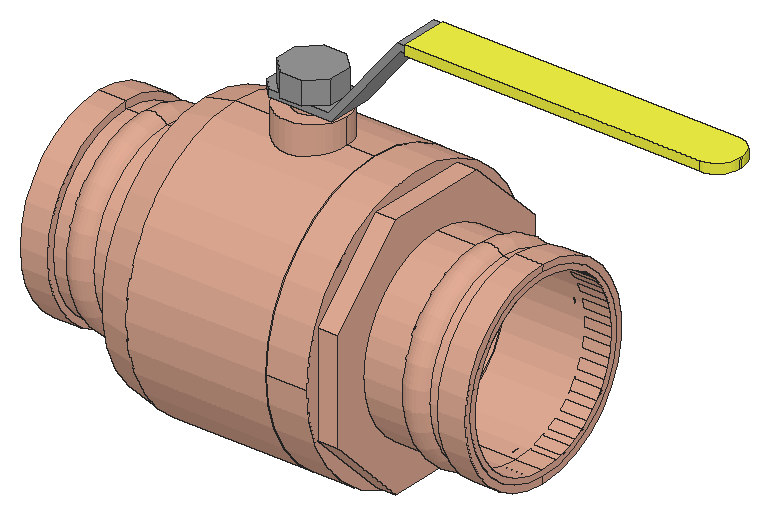
Revit family "430XL-Ball-Valve", category Pipe Accessories, Revit 2018
Family settings
  Round Connector Dimension = Use Diameter
  Part Type = Valve - Breaks Into
  OmniClass Number = 23.60.30.11.14
  OmniClass Title = Pipework Fittings
  Work Plane-Based = No
  Always vertical = Yes
  Cut with Voids When Loaded = No
  Shared = No
Parameters
  X8 [instance] = size_lookup(LookupTable, "X8", 0.000", Nominal Diameter)  # 1.296"
  X6_Half [instance] = X6 / 2  # 0.324"
  Weight [instance] = size_lookup(LookupTable, "Weight", "NA", Nominal Diameter)  # "24.54"
  URL = "http://www.fnw.com"
  Standards Lookup Table = "Standards"  # constant formula
  R4 [instance] = size_lookup(LookupTable, "R4", 0.000", Nominal Diameter)  # 2.943"
  Product ID [instance] = size_lookup(LookupTable, "ProductID", "NA", Nominal Diameter)  # "3625629"
  Pipe Diameter [instance] = size_lookup(Standards Lookup Table, "copper", 0.000", Nominal Diameter)  # 4.125"
  Part Number [instance] = size_lookup(LookupTable, "PartNumber", "NA", Nominal Diameter)  # "FNW430XLP"
  PIpe Radius [instance] = Pipe Diameter / 2  # 2.0625"
  Manufacturer = "FNW"  # constant formula
  Insert [instance] = size_lookup(LookupTable, "insert", 0.000", Nominal Diameter)  # 2.560"
  Description BOM [instance] = size_lookup(LookupTable, "Description_BOM", "NA", Nominal Diameter)  # "Not For Potable Use 4 XL Brass PXP Full Port BV Water"
  D5 Half [instance] = D5 / 2  # 2.345"
  D5 [instance] = size_lookup(LookupTable, "D5", 0.000", Nominal Diameter)  # 4.690"
  D3_Half [instance] = D3 / 2  # 0.65625"
  1_Z2 [instance] = size_lookup(LookupTable, "1_Z2", 0.000", Nominal Diameter)  # 0.1644"
  1_Z1 [instance] = size_lookup(LookupTable, "1_Z1", 0.000", Nominal Diameter)  # 2.08435"
  Z3 [instance] = size_lookup(LookupTable, "Z3", 0.000", Nominal Diameter)  # 0.54688"
  Z2 [instance] = size_lookup(LookupTable, "Z2", 0.000", Nominal Diameter)  # 4.020"
  Z1 [instance] = size_lookup(LookupTable, "Z1", 0.000", Nominal Diameter)  # 3.8556"
  1_Y1 [instance] = size_lookup(LookupTable, "1_Y1", 0.000", Nominal Diameter)  # 1.080"
  1_X4 [instance] = size_lookup(LookupTable, "1_X4", 0.000", Nominal Diameter)  # 0.8922"
  1_X1 [instance] = size_lookup(LookupTable, "1_X1", 0.000", Nominal Diameter)  # 1.7844"
  1_X3 [instance] = size_lookup(LookupTable, "1_X3", 0.000", Nominal Diameter)  # 10.240"
  X7 [instance] = size_lookup(LookupTable, "X7", 0.000", Nominal Diameter)  # 5.120"
  X6 [instance] = size_lookup(LookupTable, "X6", 0.000", Nominal Diameter)  # 0.648"
  X5 [instance] = size_lookup(LookupTable, "X5", 0.000", Nominal Diameter)  # 0.4875"
  X4 [instance] = size_lookup(LookupTable, "X4", 0.000", Nominal Diameter)  # 0.975"
  X3 [instance] = size_lookup(LookupTable, "X3", 0.000", Nominal Diameter)  # 3.33883"
  X2 [instance] = size_lookup(LookupTable, "X2", 0.000", Nominal Diameter)  # 0.70867"
  1_X2 [instance] = size_lookup(LookupTable, "1_X2", 0.000", Nominal Diameter)  # 1.56326"
  X1 [instance] = size_lookup(LookupTable, "X1", 0.000", Nominal Diameter)  # 2.560"
  Show Lever Clearance [instance] = no
  R3 [instance] = size_lookup(LookupTable, "R3", 0.000", Nominal Diameter)  # 3.270"
  R2 [instance] = size_lookup(LookupTable, "R2", 0.000", Nominal Diameter)  # 3.1065"
  R1_Diam [instance] = R1 * 2  # 4.365"
  R1 [instance] = size_lookup(LookupTable, "R1", 0.000", Nominal Diameter)  # 2.1825"
  Nominal Radius [instance] = Nominal Diameter / 2  # 2.000"
  Nominal Diameter [instance] = 4.000"
  LookupTable = "430XL-Ball-Valve"  # constant formula
  HexAngle1 [instance] = 135.00°  # constant formula
  D3 [instance] = size_lookup(LookupTable, "D3", 0.000", Nominal Diameter)  # 1.3125"
  D2 [instance] = size_lookup(LookupTable, "D2", 0.000", Nominal Diameter)  # 0.875"
  D1 [instance] = size_lookup(LookupTable, "D1", 0.000", Nominal Diameter)  # 1.620"
Reference planes (in)
  plane 1 "Center (Front/Back)": y = 0
  plane 2: z = 0
  plane 3 "Center (Left/Right)": x = 0
  plane 4 "X7 End": x = -5.12
  plane 5 "D1 Top": z = 3.8556
  plane 6 "D2 Top": z = 4.02
  plane 7: x = -2.56
  plane 8: x = -1.85133
  plane 9: x = 1.4875
  plane 10 "Face EXT": x = 2.4625
  plane 11: x = 2.95
  plane 12 "R3 Top": z = 3.27
  plane 13 "R2 Top": z = 3.1065
  plane 14 "R1 Top": z = 2.1825
  plane 15 "Pipe radius": z = 2.0625
  plane 16 "NPT": x = -2.56
  plane 17 "NPT 2": x = 2.4625
  plane 18: x = 5.51
  plane 19 "X61": x = -5.12
  plane 20: x = -4.472
  plane 21 "X62": x = 4.862
  plane 22: x = 5.51
  plane 23: z = 4.1844
  plane 24: x = 5.186
  plane 25: x = -4.796
  plane 26: z = 4.73128
  plane 27: z = 2.345
  plane 28: x = -2.56
  plane 29: x = 2.95
  plane 30: x = -3.824
  plane 31: x = -4.148
  plane 32: x = -3.5
  plane 33: x = 4.214
  plane 34: x = 3.89
  plane 35: x = 4.538
Forms (in)
  Extrusion 1, solid, material "Copper_01"
    sketch origin (0, 0, 0) x (1, 0, 0) y (0, 1, 0)
      loop
        circle (0, 0) r 0.4375
    from 3.8556 to 4.02
  Extrusion 2, solid, material "Copper_01"
    sketch origin (0, 0, 0) x (0, 1, 0) y (0, 0, 1)
      loop
        circle (0, 0) r 3.27
      loop
        circle (0, 0) r 2.0625
    from 1.4875 to 2.4625
  Extrusion 3, solid, material "Copper_01"
    sketch origin (0, 0, 2.0625) x (-1, 0, 0) y (0, -1, 0)
      loop
        circle (0, 0) r 0.81
    from 0 to 1.7931
  Extrusion 4, solid, material "Copper_01", not visible
    sketch origin (-2.56, 0, 0) x (0, 0, 1) y (0, -1, 0)
      loop
        circle (0, 0) r 2
    from 0 to 5.51
  Extrusion 5, solid, material "Copper_01"
    sketch origin (-2.56, 0, 0) x (0, 0, 1) y (0, -1, 0)
      loop
        circle (0, 0) r 2.1825
      loop
        circle (0, 0) r 2.0625
    from -2.56 to 0
  Extrusion 6, solid, material "Copper_01"
    sketch origin (2.4625, 0, 0) x (0, 0, 1) y (0, -1, 0)
      loop
        line (-1.21903, -2.943) -> (1.21903, -2.943) -> (2.943, -1.21903) -> (2.943, 1.21903) -> (1.21903, 2.943) -> (-1.21903, 2.943) -> (-2.943, 1.21903) -> (-2.943, -1.21903) -> (-1.21903, -2.943)
      loop
        circle (0, 0) r 2.0625
    from 0 to 0.4875
  Revolve 7, solid, material "Copper_01"
    sketch origin (0, 0, 0) x (1, 0, 0) y (0, 0, 1)
      loop
        line (1.4875, 2.0625) -> (1.4875, 3.27) -> (-1.84763, 3.27) -> (-2.56, 3.1065) -> (-2.56, 2.0625) -> (1.4875, 2.0625)
      axis (-2.56, 0) -> (1.4875, 0)
    angle from 0 to 360
  Revolve 8, solid, material "Copper_01"
    sketch origin (0, 0, 0) x (1, 0, 0) y (0, 0, 1)
      loop
        line (-5.12, 2.345) -> (-5.12, 2.0625) -> (-4.472, 2.0625) -> (-4.472, 2.345) -> (-5.12, 2.345)
      axis (-5.12, 0) -> (-4.472, 0)
    angle from 0 to 360
  Revolve 9, solid, material "Copper_01"
    sketch origin (0, 0, 0) x (1, 0, 0) y (0, 0, 1)
      loop
        line (4.862, 2.345) -> (4.862, 2.0625) -> (5.51, 2.0625) -> (5.51, 2.345) -> (4.862, 2.345)
      axis (4.862, 0) -> (5.51, 0)
    angle from 0 to 360
  Extrusion 10, solid, material "Copper_01"
    sketch origin (-2.56, 0, 0) x (0, 0, 1) y (0, -1, 0)
      loop
        circle (0, 0) r 2.1825
      loop
        circle (0, 0) r 2.0625
    from 5.51 to 8.07
  Revolve 11, solid, material "Copper_01"
    sketch origin (0, 0, 0) x (1, 0, 0) y (0, 0, 1)
      loop
        line (-4.148, 2.1825) -> (-3.5, 2.1825)
        arc (-3.5, 2.1825) -> (-3.824, 2.345) -> (-4.148, 2.1825) r 0.40425
      loop
        line (3.89, 2.1825) -> (4.538, 2.1825)
        arc (4.538, 2.1825) -> (4.214, 2.345) -> (3.89, 2.1825) r 0.40425
      axis (-4.148, 0) -> (4.538, 0)
    angle from 0 to 360
Dimensions and locks (in)
  "X7": plane 4 "X7 End" to plane 3 "Center (Left/Right)"
  "Z1": plane 5 "D1 Top" to plane 2
  "Z2": plane 6 "D2 Top" to plane 2
  "X1": plane 4 "X7 End" to plane 7
  "X2": plane 8 to plane 7
  "X3": plane 9 to plane 8
  "X4": plane 10 "Face EXT" to plane 9
  "X5": plane 11 to plane 10 "Face EXT"
  "R3": plane 12 "R3 Top" to plane 2
  "R2": plane 13 "R2 Top" to plane 2
  "R1": plane 14 "R1 Top" to plane 2
  "PIpe Radius": plane 15 "Pipe radius" to plane 2
  "X1": plane 4 "X7 End" to plane 16 "NPT"
  "X5": plane 11 to plane 17 "NPT 2"
  "X1": plane 18 to plane 11
  "R4": Extrusion 6 sketch curve to plane 1 "Center (Front/Back)"
  "R4": plane 1 "Center (Front/Back)" to Extrusion 6 sketch curve  (x5)
  "R4": plane 2 to Extrusion 6 sketch curve  (x2)
  "1_Z2": plane 23 to plane 6 "D2 Top"
  equal spacing: plane 20, plane 25, plane 19 "X61"
  equal spacing: plane 22, plane 24, plane 21 "X62"
  "X6": plane 22 to plane 21 "X62"
  "X6": plane 20 to plane 19 "X61"
  "X6_Half": plane 4 "X7 End" to plane 25
  "Z3": plane 26 to plane 23
  "D5 Half": plane 27 to plane 2
  "X6_Half": plane 24 to plane 18
  "Insert": plane 29 to plane 18
  "Insert": plane 28 to plane 4 "X7 End"
  plane 14 "R1 Top" to plane 15 "Pipe radius" = 0.120"
  equal spacing: plane 31, plane 30, plane 32
  "X6": plane 31 to plane 32
  "X8": plane 4 "X7 End" to plane 30
  equal spacing: plane 34, plane 33, plane 35
  "X6": plane 34 to plane 35
  "X8": plane 22 to plane 33
  "D2": diameter of Extrusion 1 sketch curve
  "R3": radius of Extrusion 2 sketch curve
  "PIpe Radius": radius of Extrusion 2 sketch curve
  "D1": diameter of Extrusion 3 sketch curve
  "Nominal Radius": radius of Extrusion 4 sketch curve
  "R1": radius of Extrusion 5 sketch curve
  "PIpe Radius": radius of Extrusion 5 sketch curve
  "PIpe Radius": radius of Extrusion 6 sketch curve
  "R1": radius of Extrusion 10 sketch curve
  "PIpe Radius": radius of Extrusion 10 sketch curve
  angle Extrusion 6 sketch curve to Extrusion 6 sketch curve = 135.00°  (x7)
  aligned and locked: plane 2 to level
  aligned and locked: Extrusion 1 to plane 5 "D1 Top"
  aligned and locked: plane 6 "D2 Top" to Extrusion 1
  aligned and locked: Extrusion 2 to plane 9
  aligned and locked: Extrusion 2 to plane 10 "Face EXT"
  aligned and locked: plane 5 "D1 Top" to Extrusion 3
  aligned and locked: plane 4 "X7 End" to Extrusion 5
  aligned and locked: Revolve 7 sketch curve to level
  aligned and locked: Revolve 8 sketch curve to plane 2
  aligned and locked: Revolve 9 sketch curve to plane 2
  aligned and locked: plane 7 to Extrusion 5
  aligned and locked: Extrusion 10 to plane 11
  aligned and locked: Extrusion 10 to plane 18
  aligned and locked: Extrusion 6 to plane 11
  aligned and locked: Extrusion 4 to plane 28
  aligned and locked: plane 29 to Extrusion 4
  aligned and locked: Revolve 8 sketch curve to plane 27
  aligned and locked: Revolve 8 sketch curve to plane 20
  aligned and locked: Revolve 8 sketch curve to plane 4 "X7 End"
  aligned and locked: plane 27 to Revolve 9 sketch curve
  aligned and locked: plane 21 "X62" to Revolve 9 sketch curve
  aligned and locked: Revolve 9 sketch curve to plane 22
  aligned and locked: plane 15 "Pipe radius" to Revolve 8 sketch curve
  aligned and locked: Revolve 9 sketch curve to plane 15 "Pipe radius"
  aligned and locked: Revolve 11 sketch curve to plane 2
  aligned and locked: Revolve 11 sketch curve to plane 14 "R1 Top"  (x2)
  aligned and locked: plane 32 to Revolve 11 sketch curve
  aligned and locked: plane 31 to Revolve 11 sketch curve
  aligned and locked: plane 34 to Revolve 11 sketch curve
  aligned and locked: plane 35 to Revolve 11 sketch curve
Automatic sketch dimensions
  Revolve 7 sketch curve to plane 7 = 0.000"
  Revolve 7 sketch curve to plane 12 "R3 Top" = 0.000"
  Revolve 7 sketch curve to plane 9 = 0.000"
  Revolve 7 sketch curve to plane 15 "Pipe radius" = 0.000"
  Revolve 7 sketch curve to plane 13 "R2 Top" = 0.000"
  plane 8 to Revolve 7 sketch curve = 0.0037"
  plane 4 "X7 End" to Revolve 7 sketch curve = 0.1481"
  plane 7 to Revolve 7 sketch curve = 0.02483"
  plane 4 "X7 End" to Revolve 8 sketch curve = 1.24841"
  plane 20 to Revolve 8 sketch curve = 0.10444"
  Revolve 9 sketch curve to plane 11 = 0.01599"
  Revolve 9 sketch curve to plane 18 = 1.73101"
  Revolve 11 sketch curve to plane 15 "Pipe radius" = 0.12175"  (x2)
  plane 4 "X7 End" to Revolve 11 sketch curve = 0.52863"
  Revolve 11 sketch curve to plane 32 = 0.19418"
  plane 1 "Center (Front/Back)" to Extrusion 1 sketch curve = 0.000"
  Extrusion 1 sketch curve to plane 3 "Center (Left/Right)" = 0.000"
  Extrusion 2 sketch curve to Extrusion 2 sketch curve = 0.000"  (x2)
  Extrusion 2 sketch curve to level = 0.000"
  Extrusion 2 sketch curve to plane 1 "Center (Front/Back)" = 0.000"
  plane 1 "Center (Front/Back)" to Extrusion 3 sketch curve = 0.000"
  Extrusion 3 sketch curve to plane 3 "Center (Left/Right)" = 0.000"
  Extrusion 4 sketch curve to level = 0.000"
  Extrusion 4 sketch curve to plane 1 "Center (Front/Back)" = 0.000"
  Extrusion 5 sketch curve to Extrusion 5 sketch curve = 0.000"  (x2)
  Extrusion 5 sketch curve to level = 0.000"
  Extrusion 5 sketch curve to plane 1 "Center (Front/Back)" = 0.000"
  Extrusion 6 sketch curve to level = 0.000"
  Extrusion 6 sketch curve to plane 1 "Center (Front/Back)" = 0.000"
  Extrusion 10 sketch curve to Extrusion 10 sketch curve = 0.000"  (x2)
  Extrusion 10 sketch curve to level = 0.000"
  Extrusion 10 sketch curve to plane 1 "Center (Front/Back)" = 0.000"
Nested families (in)
  nested 1: "Nested Lever_430" at (0, 0, 4.02), Show Lever Clearance <- "Show Lever Clearance", D3 <- "D3", Z3 <- "Z3", 1_X1 <- "1_X1", 1_X2 <- "1_X2", 1_X4 <- "1_X4", 1_Y1 <- "1_Y1", 1_Z1 <- "1_Z1", 1_Z2 <- "1_Z2", 1_X3 <- "1_X3", type "Nested Lever_430"
    with Z3 0.54688", Void_Outer_Radius 0.6025", Void_Outer 1.205", Show Lever Clearance no, Grip_L3 0.2269", Grip_L2 0.19565", Grip_L1 0.03125", D3_Half 0.4375", D3 1.3125", Clearance Hieght 6.000", Angle Hex Head 135.00°, 1_Z2 0.1644", 1_Z1 2.08435", 1_Y1_Half 0.540", 1_Y1 1.080", 1_X4 0.8922", 1_X3_and_1__Y1_Half 10.780", 1_X3 10.240", 1_X2 1.56326", 1_X1 1.7844"
Connectors (in)
  piping at (-2.56, 0, 0), diameter 4, driven by "Nominal Diameter"
    settings: on Extrusion 4, index 1, connector inside diameter 24", connector length 0.000", flow factor 0, pipe flow 0 GPM, pressure drop 0.00 psi, fitting loss kfactor 0, connector angle 0.00°, fixture units 0, engagement length 0.000", angle of deflection 0.00°, flow configuration 0, flow direction 0, fitting loss method 0, system type 7, joint type 0, gender type 0, connector reference index 2, connector utility 0, adjustable connector no, is connector primary yes, connector description ""
  piping at (2.95, 0, 0), diameter 4, driven by "Nominal Diameter"
    settings: on Extrusion 4, index 2, connector inside diameter 24", connector length 0.000", flow factor 0, pipe flow 0 GPM, pressure drop 0.00 psi, fitting loss kfactor 0, connector angle 0.00°, fixture units 0, engagement length 0.000", angle of deflection 0.00°, flow configuration 0, flow direction 0, fitting loss method 0, system type 7, joint type 0, gender type 0, connector reference index 1, connector utility 0, adjustable connector no, is connector primary no, connector description ""
Definition of nested family "Nested Lever_430"
  Parameters (values of type "Nested Lever_430")
    Z3 [instance] = 0.125"
    Angle 2 = 45.00°  # constant formula
    1_Z2 [instance] = 0.125"
    1_Z1 [instance] = 1.250"
    1_Y1_Half [instance] = [1_Y1] / 2  # 1.000"
    1_Y1 [instance] = 2.000"
    1_X1 [instance] = 2.500"
    1_X3_and_1__Y1_Half [instance] = [1_X3] + [1_Y1_Half]  # 13.66198"
    1_X3 [instance] = 12.66198"
    1_X2 [instance] = 1.500"
    Void_Outer_Radius [instance] = Void_Outer / 2  # 1.0625"
    Void_Outer [instance] = [1_Y1] + Grip_L1 * 4  # 2.125"
    Show Lever Clearance [instance] = yes
    Grip_L3 [instance] = Grip_L1 + Grip_L2  # 0.1875"
    Grip_L1 [instance] = 0.03125"  # constant formula
    Grip_L2 [instance] = [1_Z2] + Grip_L1  # 0.15625"
    Default Elevation = 48.000"
    D3_Half [instance] = D3 / 3  # 0.23251"
    D3 [instance] = 0.69752"
    Clearance Hieght [instance] = 6.000"  # constant formula
    Angle Hex Head [instance] = 135.00°  # constant formula
    1_X4 [instance] = 1.000"
  Reference planes (in)
    plane 1 "Center (Front/Back)": y = 0
    plane 2: z = 0
    plane 3 "Center (Left/Right)": x = 0
    plane 4: z = 0.125
    plane 5: x = -1
    plane 6: x = 12.66198
    plane 7: y = 1
    plane 8: y = -1
    plane 9: x = 1.5
    plane 10: x = 3
    plane 11: z = 1.375
    plane 12: z = 1.25
    plane 13: z = 0.25
    plane 14: z = 1.40625
    plane 15: z = 1.21875
    plane 16: x = 3.15625
    plane 17: y = 1.03125
    plane 18: y = -1.03125
  Forms (in)
    Extrusion 1, solid
      sketch origin (0, 0, 0) x (1, 0, 0) y (0, 1, 0)
        loop
          line (-48, 48) -> (-48, -48) -> (48, -48) -> (48, 48) -> (-48, 48)
      from 0 to -12
    Extrusion 2, solid
      sketch origin (0, 0, 0) x (1, 0, 0) y (0, 0, 1)
        loop
          line (1.30132, 0) -> (1.5, 0) -> (3.04425, 1.25) -> (4.15625, 1.25) -> (4.15625, 1.375) -> (3, 1.375) -> (1.30132, 0)
      from -1 to 1
    Extrusion 3, solid
      sketch origin (0, 0, 0) x (1, 0, 0) y (0, 1, 0)
        loop
          line (0.34876, 0.14446) -> (0.14446, 0.34876) -> (-0.14446, 0.34876) -> (-0.34876, 0.14446) -> (-0.34876, -0.14446) -> (-0.14446, -0.34876) -> (0.14446, -0.34876) -> (0.34876, -0.14446) -> (0.34876, 0.14446)
      from 0.125 to 0.25
    Extrusion 4, solid
      sketch origin (0, 0, 0) x (1, 0, 0) y (0, 1, 0)
        loop
          line (11.66198, 1.03125) -> (3.15625, 1.03125) -> (3.15625, -1.03125) -> (11.66198, -1.03125)
          arc (11.66198, -1.03125) -> (12.36908, -0.73836) -> (12.66198, -0.03125) r 1
          line (12.66198, -0.03125) -> (12.66198, 0.03125)
          arc (12.66198, 0.03125) -> (12.36908, 0.73836) -> (11.66198, 1.03125) r 1
      from 1.21875 to 1.40625
    Extrusion 5, solid, visible <- "Show Lever Clearance"
      sketch origin (0, 0, 0) x (1, 0, 0) y (0, 1, 0)
        loop
          line (-1, 1) -> (-1, -12.66198)
          arc (-1, -12.66198) -> (8.66048, -8.66048) -> (12.66198, 1) r 13.66198
          line (12.66198, 1) -> (-1, 1)
      from 0 to 6 <- "Clearance Hieght"
    Extrusion 6, solid
      sketch origin (0, 0, 0) x (1, 0, 0) y (0, 1, 0)
        loop
          line (1.5, -1) -> (1.5, 1) -> (-0.5, 1) -> (-1, 0.5) -> (-1, -0.5) -> (-0.5, -1) -> (1.5, -1)
      from 0 to 0.125
  Cuts and joins
    joined: Extrusion 2, Extrusion 6
  Lines and regions (in)
    reference lines
      curve 1: line (0, 0, 3.375) -> (0, 0, -1.625)
  Dimensions and locks (in)
    "1_Z2": plane 4 to plane 2
    "1_X4": plane 3 "Center (Left/Right)" to plane 5
    "1_X3": plane 6 to plane 3 "Center (Left/Right)"
    equal spacing: plane 7, plane 1 "Center (Front/Back)", plane 8
    "1_Y1": plane 7 to plane 8
    "1_X1": plane 9 to plane 5
    "1_X2": plane 10 to plane 9
    "1_Z1": plane 11 to plane 4
    "1_Z2": plane 11 to plane 12
    equal spacing: Extrusion 3 sketch curve, curve 1, Extrusion 3 sketch curve  (x4)
    "D3": Extrusion 3 sketch curve to Extrusion 3 sketch curve  (x4)
    "Z3": plane 13 to plane 4
    "Grip_L1": plane 14 to plane 11
    "Grip_L2": plane 11 to plane 15
    "Grip_L2": plane 16 to plane 10
    "Grip_L1": plane 8 to plane 18
    "Grip_L1": plane 17 to plane 7
    "1_Y1_Half": plane 16 to Extrusion 2
    "1_X3_and_1__Y1_Half": Extrusion 5 sketch curve to Extrusion 5 sketch curve  (x2)
    equal spacing: Extrusion 6 sketch curve, plane 1 "Center (Front/Back)", Extrusion 6 sketch curve
    "1_Y1_Half": Extrusion 6 sketch curve to Extrusion 6 sketch curve
    "1_Z2": Extrusion 2 sketch curve to Extrusion 2 sketch curve
    "1_Y1_Half": radius of Extrusion 4 sketch curve  (x2)
    "1_X3_and_1__Y1_Half": radius of Extrusion 5 sketch curve
    "Angle Hex Head": angle Extrusion 3 sketch curve to Extrusion 3 sketch curve  (x6)
    "Angle 2": angle plane 5 to Extrusion 6 sketch curve
    "Angle 2": angle Extrusion 6 sketch curve to plane 5
    aligned and locked: plane 2 to Extrusion 1
    aligned and locked: level to Extrusion 1
    aligned and locked: plane 10 to Extrusion 2 sketch curve
    aligned and locked: plane 12 to Extrusion 2 sketch curve
    aligned and locked: plane 11 to Extrusion 2 sketch curve
    aligned and locked: curve 1 to plane 3 "Center (Left/Right)"
    aligned and locked: plane 4 to Extrusion 3
    aligned and locked: Extrusion 3 to plane 13
    aligned and locked: Extrusion 4 sketch curve to plane 16
    aligned and locked: Extrusion 4 sketch curve to plane 18
    aligned and locked: plane 17 to Extrusion 4 sketch curve
    aligned and locked: Extrusion 4 to plane 15
    aligned and locked: Extrusion 4 to plane 14
    aligned and locked: Extrusion 2 to plane 8
    aligned and locked: plane 7 to Extrusion 2
    aligned and locked: plane 9 to Extrusion 6 sketch curve
    aligned and locked: Extrusion 6 sketch curve to plane 5
    aligned and locked: Extrusion 6 to plane 4
  Automatic sketch dimensions
    Extrusion 1 sketch curve to Extrusion 1 sketch curve = 96.000"  (x2)
    curve 1 to level = 1.625"
    curve 1 to plane 11 = 2.000"
    Extrusion 2 sketch curve to level = 0.000"
    Extrusion 2 sketch curve to plane 9 = 0.000"
    plane 16 to Extrusion 2 sketch curve = 1.000"
    Extrusion 4 sketch curve to plane 6 = 0.000"
    Extrusion 5 sketch curve to plane 5 = 0.000"
    Extrusion 5 sketch curve to plane 7 = 0.000"
    Extrusion 6 sketch curve to plane 8 = 0.000"
    Extrusion 6 sketch curve to plane 7 = 0.000"
